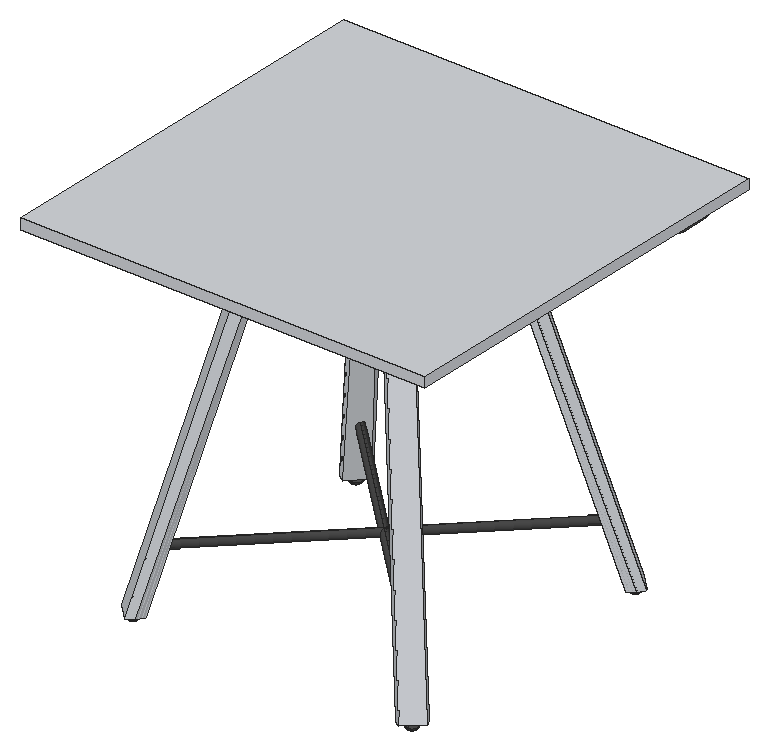
Revit family "Table-Teknion-NFTS_Wood_Table_Square-R2020", category Furniture, Revit 2020
Family settings
  OmniClass Number = 23.40.20.00
  OmniClass Title = General Furniture and Specialties
  Work Plane-Based = No
  Always vertical = Yes
  Cut with Voids When Loaded = No
  Shared = Yes
  Room Calculation Point = No
Parameters (values of type "36" Height")
  Wood Leg Finish = none
  Warranty = "http://www.teknion.com/ca/papers/legal-canada"
  Unit Weight URL = "http://www.teknion.com/ca/tools/assets#&asset=bee6a381-b954-425e-8283-5a2de3a804f2,f828d448-4b62-4231-9e5f-9a8991c0ed77"
  URL = "www.teknion.com"
  Top Finish = none
  To render please download texture images found here [instance] = "https://assets.teknion.com/web/5e81352c1dfdb467/revit-material-swatches/"
  Sustainability Data = "https://www.teknion.com/ca/tools/assets#&topic=216f99a5-57a0-44fc-b10a-9dee9b29ae4c&asset=444deb64-fe58-4b68-981e-f75e97781df7,b4ff2d81-9f2e-437d-9659-7cffb09c31cf"
  Series = "North 56"  # constant formula
  Product Page URL = "https://www.teknion.com/ca/products/product-details?productLineId=0ca9376f-8e7a-673b-a6c8-ff05004460c4"
  Product Line = "North 56"  # constant formula
  Product Documentation Link = ""
  Part Number = "NFTS"  # constant formula
  Model = "NFTS3640"
  Manufacturer Phone = "416-661-3370"  # constant formula
  Manufacturer Fax = "416.661.4586"  # constant formula
  Manufacturer Contact Information = "http://www.teknion.com/ca/contactus"
  Manufacturer Address = "1150 Flint Road, Toronto, ON. M3J 2J5. Canada"  # constant formula
  Manufacturer = "Teknion"  # constant formula
  Leg Support Height = 6.11299"
  Leg Support = yes
  Leg Dis = 27.601"
  How To Use Teknion Materials User Guide [instance] = "https://assets.teknion.com/m/205dd0a49fa58060/original/How-to-add-a-Material-Library-and-Texture-Images-to-your-Revit-project.pdf"
  Height = 36.000"
  For Additional Finishes please visit [instance] = "https://assets.teknion.com/m/44a8009b046e5d47/original/Teknion_Materials_Library.zip"
  Diagonal dis = Leg Dis * (cos(45.00°))  # 19.51685"
  Description = "Wood Table-Square, 36\" Height,40\" Size"
  Default Elevation = 0.000"
  Assembly Code = "E2020200"
Reference planes (in)
  plane 1 "Center Front/Back": y = 0
  plane 2: z = 0
  plane 3 "Center Left/Right": x = 0
  plane 4 "Left": x = -20
  plane 5 "Right": x = 20
  plane 6 "Back": y = 20
  plane 7 "Front": y = -20
  plane 8 "Top": z = 36
  plane 9: x = -13.8005
  plane 10: y = 13.8005
  plane 11: x = 13.8005
  plane 12: y = -13.8005
  plane 13: through (-14.44868, 0.64818, 48) normal (0.7071, 0.7071, 0)
  plane 14: through (14.44868, 0.64818, 48) normal (0.7071, -0.7071, 0)
  plane 15: through (0.64818, 14.44868, 48) normal (0.7071, -0.7071, 0)
  plane 16: through (14.44868, -0.64818, 48) normal (-0.7071, -0.7071, 0)
  plane 17: through (-20, 20, 48) normal (0.7071, 0.7071, 0)
  plane 18: through (20, 20, 48) normal (0.7071, -0.7071, 0)
Forms (in)
  Sweep 1, solid, material <- "Top Finish"
    path origin (0, 0, 0) x (1, 0, 0) y (0, 0, 1)
      loop
        line (0, 36) -> (0, 35)
    profile origin (0, 0, 35.5) x (0, -1, 0) y (1, 0, 0)
      loop
        line (-20, -20) -> (20, -20) -> (20, 20) -> (-20, 20) -> (-20, -20)
  Sweep 2, solid, material "Paint - Teknion - 52 - Ebony", visible <- "Leg Support"
    path origin (0, 0, 0) x (1, 0, 0) y (0, 1, 0)
      loop
        line (-12.17318, -12.17318) -> (12.17318, 12.17318)
    profile origin (0, 0, 0) x (-0.707107, 0.707107, 0) y (0, 0, 1)
      loop
        circle (0, 6.48799) r 0.375
  Sweep 3, solid, material "Paint - Teknion - 52 - Ebony", visible <- "Leg Support"
    path origin (0, 0, 0) x (0, 1, 0) y (-1, 0, 0)
      loop
        line (-12.17318, -12.17318) -> (12.17318, 12.17318)
    profile origin (0, 0, 0) x (-0.707107, -0.707107, 0) y (0, 0, 1)
      loop
        circle (0, 6.48799) r 0.375
  SweptBlend 4, solid, material <- "Wood Leg Finish"
    path origin (-20, 20, 48) x (-0.707107, 0.707107, 0) y (0, 0, 1)
      loop
        line (-28.28427, -13) -> (-28.28427, -17.25)
    profile origin (0, 0, 35) x (0.707107, 0.707107, 0) y (-0.707107, 0.707107, 0)
      loop
        arc (-0.29671, -9.65881) -> (-0.00768, -9.77853) -> (0.28134, -9.65881) r 0.40874
        line (0.28134, -9.65881) -> (9.67487, -0.26527)
        arc (9.67487, -0.26527) -> (9.78794, 0.00768) -> (9.67487, 0.28064) r 0.38602
        line (9.67487, 0.28064) -> (0.30825, 9.64726)
        arc (0.30825, 9.64726) -> (-0.00032, 9.77508) -> (-0.30889, 9.64726) r 0.43638
        line (-0.30889, 9.64726) -> (-9.64011, 0.31604)
        arc (-9.64011, 0.31604) -> (-9.77089, 0.00032) -> (-9.64011, -0.3154) r 0.44649
        line (-9.64011, -0.3154) -> (-0.29671, -9.65881)
    end profile origin (0, 0, 30.75) x (0.707107, 0.707107, 0) y (-0.707107, 0.707107, 0)
      loop
        line (-0.00032, 11.067) -> (-11.067, 0.00032) -> (-0.00032, -11.06636) -> (11.06636, 0.00032) -> (-0.00032, 11.067)
  SweptBlend 5, void
    path origin (-20, 20, 48) x (-0.707107, 0.707107, 0) y (0, 0, 1)
      loop
        line (-28.28427, -13) -> (-28.28427, -17.25)
    profile origin (0, 0, 35) x (0.707107, 0.707107, 0) y (-0.707107, 0.707107, 0)
      loop
        line (-0.00032, 8.51905) -> (-8.51905, 0.00032) -> (-0.00032, -8.51841) -> (8.51841, 0.00032) -> (-0.00032, 8.51905)
    end profile origin (0, 0, 30.75) x (0.707107, 0.707107, 0) y (-0.707107, 0.707107, 0)
      loop
        line (9.78316, 0.00032) -> (0.00641, 9.77706) -> (-9.77033, 0.00032) -> (0.00641, -9.77643) -> (9.78316, 0.00032)
  SweptBlend 6, solid, material <- "Wood Leg Finish"
    path origin (-20, 20, 48) x (-0.707107, 0.707107, 0) y (0, 0, 1)
      loop
        line (-28.30011, -13) -> (-28.30011, -47.33071)
    profile origin (0.0112, -0.0112, 35) x (0.707107, 0.707107, 0) y (-0.707107, 0.707107, 0)
      loop
        line (-1.13978, -9.79029) -> (1.13978, -9.79029) -> (1.27076, -8.64994) -> (0.738, -8.11718) -> (-0.738, -8.11718) -> (-1.27076, -8.64994) -> (-1.13978, -9.79029)
    end profile origin (0.0112, -0.0112, 0.66929) x (0.707107, 0.707107, 0) y (-0.707107, 0.707107, 0)
      loop
        line (1.29197, -19.45075) -> (1.13611, -18.61419) -> (-1.13611, -18.61419) -> (-1.29197, -19.45075) -> (-1.13611, -20.2873) -> (1.13611, -20.2873) -> (1.29197, -19.45075)
  SweptBlend 7, solid, material <- "Wood Leg Finish"
    path origin (-20, -20, 48) x (-0.707107, -0.707107, 0) y (0, 0, -1)
      loop
        line (-28.28427, 13) -> (-28.28427, 47.33071)
    profile origin (0, 0, 35) x (0.707107, -0.707107, 0) y (0.707107, 0.707107, 0)
      loop
        line (-1.13978, 9.80612) -> (-1.27076, 8.66577) -> (-0.738, 8.13301) -> (0.738, 8.13301) -> (1.27076, 8.66577) -> (1.13978, 9.80612) -> (-1.13978, 9.80612)
    end profile origin (0, 0, 0.66929) x (0.707107, -0.707107, 0) y (0.707107, 0.707107, 0)
      loop
        line (1.29197, 19.46658) -> (1.13611, 20.30314) -> (-1.13611, 20.30314) -> (-1.29197, 19.46658) -> (-1.13611, 18.63003) -> (1.13611, 18.63003) -> (1.29197, 19.46658)
  SweptBlend 8, solid, material <- "Wood Leg Finish"
    path origin (20, -20, 48) x (0.707107, -0.707107, 0) y (0, 0, 1)
      loop
        line (-28.28427, -13) -> (-28.28427, -47.33071)
    profile origin (0, 0, 35) x (-0.707107, -0.707107, 0) y (0.707107, -0.707107, 0)
      loop
        line (-1.13978, -9.80612) -> (1.13978, -9.80612) -> (1.27076, -8.66577) -> (0.738, -8.13301) -> (-0.738, -8.13301) -> (-1.27076, -8.66577) -> (-1.13978, -9.80612)
    end profile origin (0, 0, 0.66929) x (-0.707107, -0.707107, 0) y (0.707107, -0.707107, 0)
      loop
        line (1.29197, -19.46658) -> (1.13611, -18.63003) -> (-1.13611, -18.63003) -> (-1.29197, -19.46658) -> (-1.13611, -20.30314) -> (1.13611, -20.30314) -> (1.29197, -19.46658)
  SweptBlend 9, solid, material <- "Wood Leg Finish"
    path origin (20, 20, 48) x (0.707107, 0.707107, 0) y (0, 0, -1)
      loop
        line (-28.28427, 13) -> (-28.28427, 47.33071)
    profile origin (0, 0, 35) x (-0.707107, 0.707107, 0) y (-0.707107, -0.707107, 0)
      loop
        line (-1.13978, 9.80612) -> (-1.27076, 8.66577) -> (-0.738, 8.13301) -> (0.738, 8.13301) -> (1.27076, 8.66577) -> (1.13978, 9.80612) -> (-1.13978, 9.80612)
    end profile origin (0, 0, 0.66929) x (-0.707107, 0.707107, 0) y (-0.707107, -0.707107, 0)
      loop
        line (1.29197, 19.46658) -> (1.13611, 20.30314) -> (-1.13611, 20.30314) -> (-1.29197, 19.46658) -> (-1.13611, 18.63003) -> (1.13611, 18.63003) -> (1.29197, 19.46658)
  Sweep 10, solid, material "Paint - Teknion - 52 - Ebony"
    path origin (0, 0, 0) x (0, 1, 0) y (0, 0, 1)
      loop
        line (4.03225, 34.85) -> (3.48225, 34.85) -> (3.48225, 33.45225)
        arc (3.48225, 33.45225) -> (3.46877, 33.40412) -> (3.43225, 33.37) r 0.09265
        line (3.43225, 33.37) -> (-3.43225, 33.37)
        arc (-3.43225, 33.37) -> (-3.46877, 33.40412) -> (-3.48225, 33.45225) r 0.09265
        line (-3.48225, 33.45225) -> (-3.48225, 34.85) -> (-4.03225, 34.85)
    profile origin (0, 0, 33.37) x (0, 0, -1) y (1, 0, 0)
      loop
        line (-0.05, -2.5) -> (0, -2.5) -> (0, 2.5) -> (-0.05, 2.5) -> (-0.05, -2.5)
  Sweep 11, solid, material "Paint - Teknion - 52 - Ebony"
    path origin (0, 0, 0) x (0, 1, 0) y (0, 0, 1)
      loop
        line (2.425, 33.575) -> (1.532, 33.575)
        arc (1.532, 33.575) -> (1.45634, 33.60634) -> (1.425, 33.682) r 0.107
        line (1.425, 33.682) -> (1.425, 34.925) -> (-1.425, 34.925) -> (-1.425, 33.682)
        arc (-1.425, 33.682) -> (-1.45634, 33.60634) -> (-1.532, 33.575) r 0.107
        line (-1.532, 33.575) -> (-2.425, 33.575)
    profile origin (0, -1.9785, 33.575) x (0, 0, -1) y (1, 0, 0)
      loop
        line (-0.075, -4.75) -> (0, -4.75) -> (0, -3.75) -> (-0.075, -3.75) -> (-0.075, -4.75)
      loop
        line (-0.075, 3.75) -> (0, 3.75) -> (0, 4.75) -> (-0.075, 4.75) -> (-0.075, 3.75)
  Sweep 12, solid, material "Plastic - Teknion - E - Ebony"
    path origin (0, 0, 0) x (1, 0, 0) y (0, 0, 1)
      loop
        line (0, 35) -> (0, 34.39764)
    profile origin (0, 0, 34.69882) x (0, -1, 0) y (1, 0, 0)
      loop
        line (12.11024, -16.61319) -> (12.11024, -19.01494)
        arc (12.11024, -19.01494) -> (12.25435, -19.36285) -> (12.60226, -19.50696) r 0.49202
        line (12.60226, -19.50696) -> (15.39774, -19.50696)
        arc (15.39774, -19.50696) -> (15.74565, -19.36285) -> (15.88976, -19.01494) r 0.49202
        line (15.88976, -19.01494) -> (15.88976, -16.6132)
        arc (15.88976, -16.6132) -> (15.74564, -16.26526) -> (15.3977, -16.12113) r 0.49206
        line (15.3977, -16.12113) -> (12.60229, -16.12113)
        arc (12.60229, -16.12113) -> (12.25436, -16.26525) -> (12.11024, -16.61319) r 0.49206
      loop
        line (-15.3977, 16.12113) -> (-12.60229, 16.12113)
        arc (-12.60229, 16.12113) -> (-12.25435, 16.26525) -> (-12.11024, 16.61318) r 0.49205
        line (-12.11024, 16.61318) -> (-12.11024, 19.0149)
        arc (-12.11024, 19.0149) -> (-12.25436, 19.36284) -> (-12.6023, 19.50696) r 0.49206
        line (-12.6023, 19.50696) -> (-15.39774, 19.50696)
        arc (-15.39774, 19.50696) -> (-15.74565, 19.36285) -> (-15.88976, 19.01494) r 0.49202
        line (-15.88976, 19.01494) -> (-15.88976, 16.6132)
        arc (-15.88976, 16.6132) -> (-15.74564, 16.26526) -> (-15.3977, 16.12113) r 0.49206
  Revolve 13, solid, material "Paint - Teknion - 52 - Ebony"
    sketch origin (-13.8005, 15.09685, 48) x (0, 1, 0) y (0, 0, 1)
      loop
        line (-28.89735, -47.5) -> (-28.89735, -48) -> (-28.48306, -48) -> (-28.39129, -47.85) -> (-28.34637, -47.85) -> (-28.31402, -47.8) -> (-28.77766, -47.5) -> (-28.89735, -47.5)
      axis (-28.89735, -47.5) -> (-28.89735, -48)
    angle from 0 to 360
  Revolve 14, solid, material "Paint - Teknion - 52 - Ebony"
    sketch origin (13.8005, 15.09685, 48) x (0, 1, 0) y (0, 0, 1)
      loop
        line (-1.29635, -47.5) -> (-1.29635, -48) -> (-0.87996, -48) -> (-0.78819, -47.85) -> (-0.74151, -47.85) -> (-0.71092, -47.8) -> (-1.17456, -47.5) -> (-1.29635, -47.5)
      axis (-1.29635, -47.5) -> (-1.29635, -48)
    angle from 0 to 360
  Revolve 15, solid, material "Paint - Teknion - 52 - Ebony"
    sketch origin (13.8005, 15.09685, 48) x (0, 1, 0) y (0, 0, 1)
      loop
        line (-28.89735, -47.5) -> (-28.89735, -48) -> (-28.48306, -48) -> (-28.39129, -47.85) -> (-28.34637, -47.85) -> (-28.31402, -47.8) -> (-28.77766, -47.5) -> (-28.89735, -47.5)
      axis (-28.89735, -47.5) -> (-28.89735, -48)
    angle from 0 to 360
  Revolve 16, solid, material "Paint - Teknion - 52 - Ebony"
    sketch origin (-13.8005, 15.09685, 48) x (0, 1, 0) y (0, 0, 1)
      loop
        line (-1.29635, -47.5) -> (-1.29635, -48) -> (-0.87996, -48) -> (-0.78819, -47.85) -> (-0.74151, -47.85) -> (-0.71092, -47.8) -> (-1.17456, -47.5) -> (-1.29635, -47.5)
      axis (-1.29635, -47.5) -> (-1.29635, -48)
    angle from 0 to 360
  SweptBlend 17, solid, material "Paint - Teknion - 52 - Ebony"
    path origin (13.8005, 15.09685, 48) x (0, 1, 0) y (0, 0, 1)
      loop
        line (-1.38479, -46.62218) -> (-1.1774, -47.58231)
    profile origin (13.8005, 13.71207, 1.37782) x (0, 0.977459, 0.211127) y (1, 0, 0)
      loop
        arc (-0.00028, -0.2752) -> (-0.00602, -0.10119) -> (-0.18011, -0.09942) r 0.12585
        arc (-0.18011, -0.09942) -> (-0.1746, -0.27365) -> (-0.00028, -0.2752) r 0.12584
    end profile origin (13.8005, 13.91945, 0.41769) x (0, 0.977459, 0.211127) y (1, 0, 0)
      loop
        arc (0, -0.06955) -> (-0.00588, 0.10524) -> (-0.18076, 0.10714) r 0.12651
        arc (-0.18076, 0.10714) -> (-0.18274, -0.0757) -> (0, -0.06955) r 0.12651
  SweptBlend 18, solid, material "Paint - Teknion - 52 - Ebony"
    path origin (-13.8005, 15.09685, 48) x (0, 1, 0) y (0, 0, 1)
      loop
        line (-28.88719, -47.61396) -> (-28.62493, -46.66255)
    profile origin (-13.8005, -13.79033, 0.38604) x (0, -0.964045, 0.265739) y (1, 0, 0)
      loop
        circle (0.03638, -0.01884) r 0.12277
    end profile origin (-13.8005, -13.52808, 1.33745) x (0, -0.964045, 0.265739) y (1, 0, 0)
      loop
        arc (0.00599, 0.09951) -> (0.1796, 0.10222) -> (0.17689, 0.27582) r 0.12277
        arc (0.17689, 0.27582) -> (0.00375, 0.27265) -> (0.00599, 0.09951) r 0.12278
  Revolve 19, solid, material "Paint - Teknion - 52 - Ebony"
    sketch origin (13.8005, 15.09685, 48) x (0, 1, 0) y (0, 0, 1)
      loop
        line (-29.03642, -47.56373) -> (-28.91761, -47.58885) -> (-28.70887, -46.61986) -> (-28.82686, -46.59435) -> (-29.03642, -47.56373)
      axis (-28.70885, -46.61977) -> (-28.91771, -47.58931)
    angle from 0 to 360
  Sweep 20, solid, material "Paint - Teknion - 52 - Ebony"
    path origin (-13.8005, 15.09685, 48) x (0, 1, 0) y (0, 0, 1)
      loop
        line (-1.45524, -46.59435) -> (-1.24323, -47.60058)
    profile origin (-13.8005, 13.74762, 0.90253) x (0, 0.978515, 0.206174) y (1, 0, 0)
      loop
        spline (-0.15042, 0) -> (-0.14636, -0.03152) -> (-0.13446, -0.0609) -> (-0.11552, -0.08612) -> (-0.09084, -0.10547) -> (-0.06209, -0.11764) -> (-0.03125, -0.12179) -> (-0.0004, -0.11764) -> (0.02834, -0.10547) -> (0.05302, -0.08612) -> (0.07196, -0.0609) -> (0.08387, -0.03152) -> (0.08793, 0)
        spline (0.08793, 0) -> (0.08387, 0.03152) -> (0.07196, 0.0609) -> (0.05302, 0.08612) -> (0.02834, 0.10547) -> (-0.0004, 0.11764) -> (-0.03125, 0.12179) -> (-0.06209, 0.11764) -> (-0.09084, 0.10547) -> (-0.11552, 0.08612) -> (-0.13446, 0.0609) -> (-0.14636, 0.03152) -> (-0.15042, 0)
Cuts and joins
  SweptBlend 5 cuts SweptBlend 4
Lines and regions (in)
  Masking region 1
    outline origin (0, 0, 0) x (1, 0, 0) y (0, 1, 0)
      loop
        line (-20, 20) -> (-20, -20) -> (20, -20) -> (20, 20) -> (-20, 20)
  symbolic lines, style "FurnitureHiddenLines", detail levels medium+fine
    curve 1: line (19.01494, 15.88976, 0) -> (16.6132, 15.88976, 0)
    curve 2: line (16.12113, 15.3977, 0) -> (16.12113, 12.60229, 0)
    curve 3: line (16.61318, 12.11024, 0) -> (19.0149, 12.11024, 0)
    curve 4: line (19.50696, 12.6023, 0) -> (19.50696, 15.39774, 0)
    curve 5: line (-4.75, 2.425, 0) -> (-3.75, 2.425, 0)
    curve 6: line (-4.75, -2.425, 0) -> (-4.75, 2.425, 0)
    curve 7: line (-3.75, -2.425, 0) -> (-4.75, -2.425, 0)
    curve 8: line (-3.75, 2.425, 0) -> (-3.75, -2.425, 0)
    curve 9: line (-3.75, 1.5, 0) -> (-4.75, 1.5, 0)
    curve 10: line (-4.75, 1.425, 0) -> (-3.75, 1.425, 0)
    curve 11: line (-4.75, -1.5, 0) -> (-3.75, -1.5, 0)
    curve 12: line (-3.75, -1.425, 0) -> (-4.75, -1.425, 0)
    curve 13: line (3.75, 2.425, 0) -> (3.75, -2.425, 0)
    curve 14: line (4.75, -2.425, 0) -> (4.75, 2.425, 0)
    curve 15: line (3.75, 2.425, 0) -> (4.75, 2.425, 0)
    curve 16: line (3.75, -2.425, 0) -> (4.75, -2.425, 0)
    curve 17: line (4.75, 1.5, 0) -> (3.75, 1.5, 0)
    curve 18: line (3.75, 1.425, 0) -> (4.75, 1.425, 0)
    curve 19: line (4.75, -1.425, 0) -> (3.75, -1.425, 0)
    curve 20: line (3.75, -1.5, 0) -> (4.75, -1.5, 0)
    curve 21: line (-2.5, 4.03225, 0) -> (2.5, 4.03225, 0)
    curve 22: line (-2.5, 4.03225, 0) -> (-2.5, -4.03225, 0)
    curve 23: line (-2.5, -4.03225, 0) -> (2.5, -4.03225, 0)
    curve 24: line (2.5, 4.03225, 0) -> (2.5, -4.03225, 0)
    curve 25: line (-2.5, 3.43225, 0) -> (2.5, 3.43225, 0)
    curve 26: line (2.5, 3.48225, 0) -> (-2.5, 3.48225, 0)
    curve 27: line (-2.5, 3.41751, 0) -> (2.5, 3.41751, 0)
    curve 28: line (-2.5, -3.41751, 0) -> (2.5, -3.41751, 0)
    curve 29: line (-2.5, -3.48225, 0) -> (2.5, -3.48225, 0)
    curve 30: line (2.5, -3.43225, 0) -> (-2.5, -3.43225, 0)
    curve 31: line (-6.0241, -6.02365, 0) -> (-6.0241, 6.02365, 0)
    curve 32: line (-6.0241, 6.02365, 0) -> (6.0232, 6.02365, 0)
    curve 33: line (6.0232, 6.02365, 0) -> (6.0232, -6.02365, 0)
    curve 34: line (6.0232, -6.02365, 0) -> (-6.0241, -6.02365, 0)
    curve 35: line (-7.82578, 7.82533, 0) -> (7.82488, 7.82533, 0)
    curve 36: line (-7.82578, -7.82533, 0) -> (-7.82578, 7.82533, 0)
    curve 37: line (7.82488, -7.82533, 0) -> (-7.82578, -7.82533, 0)
    curve 38: line (7.82488, 7.82533, 0) -> (7.82488, -7.82533, 0)
    curve 39: line (-6.90889, 6.91796, 0) -> (6.91751, 6.91796, 0)
    curve 40: line (-6.90889, -6.90844, 0) -> (-6.90889, 6.91796, 0)
    curve 41: line (6.91751, -6.90844, 0) -> (-6.90889, -6.90844, 0)
    curve 42: line (6.91751, 6.91796, 0) -> (6.91751, -6.90844, 0)
    curve 43: line (-7.04006, 6.60323, 0) -> (-7.04006, -6.59312, 0)
    curve 44: line (-6.59357, -7.03961, 0) -> (6.62001, -7.03961, 0)
    curve 45: arc (-7.04006, -6.59312, 0) -> (-6.90929, -6.90884, 0) -> (-6.59357, -7.03961, 0) r 0.44649
    curve 46: line (7.02874, -6.63087, 0) -> (7.02874, 6.65359, 0)
    curve 47: arc (6.62001, -7.03961, 0) -> (6.90903, -6.91989, 0) -> (7.02874, -6.63087, 0) r 0.40874
    curve 48: line (6.64272, 7.03961, 0) -> (-6.60368, 7.03961, 0)
    curve 49: arc (7.02874, 6.65359, 0) -> (6.91568, 6.92655, 0) -> (6.64272, 7.03961, 0) r 0.38602
    curve 50: arc (-6.60368, 7.03961, 0) -> (-6.91225, 6.9118, 0) -> (-7.04006, 6.60323, 0) r 0.43638
    curve 179: arc (16.12113, 12.60229, 0) -> (16.26525, 12.25435, 0) -> (16.61318, 12.11024, 0) r 0.49205
    curve 180: arc (19.0149, 12.11024, 0) -> (19.36284, 12.25436, 0) -> (19.50696, 12.6023, 0) r 0.49206
  symbolic lines, style "FurnitureHiddenLines", visible <- "Leg Support", detail levels fine
    curve 51: line (-11.90802, 12.43835, 0) -> (12.43835, -11.90802, 0)
    curve 52: line (-12.43835, 11.90802, 0) -> (11.90802, -12.43835, 0)
    curve 53: line (12.43835, 11.90802, 0) -> (-11.90802, -12.43835, 0)
    curve 54: line (-12.43835, -11.90802, 0) -> (11.90802, 12.43835, 0)
    curve 195: line (-11.90802, 12.43835, 0) -> (-12.43835, 11.90802, 0)
    curve 196: line (12.43835, 11.90802, 0) -> (11.90802, 12.43835, 0)
    curve 197: line (12.43835, -11.90802, 0) -> (11.90802, -12.43835, 0)
    curve 198: line (-11.90802, -12.43835, 0) -> (-12.43835, -11.90802, 0)
  symbolic lines, style "FurnitureHiddenLines", detail levels fine
    curve 55: line (-13.97718, -12.36966, 0) -> (-12.36966, -13.97718, 0)
    curve 56: line (-13.55314, -15.15983, 0) -> (-15.15983, -13.55314, 0)
    curve 57: line (-13.55314, -15.15983, 0) -> (-6.12803, -7.73992, 0)
    curve 58: line (-7.73992, -6.12803, 0) -> (-15.15983, -13.55314, 0)
    curve 59: line (-14.67851, -12.85139, 0) -> (-7.02619, -5.22906, 0)
    curve 60: line (-12.85139, -14.67851, 0) -> (-5.22906, -7.02619, 0)
    curve 61: line (-12.37007, -13.97677, 0) -> (-5.22906, -6.27275, 0)
    curve 62: line (-13.97677, -12.37007, 0) -> (-6.27275, -5.22906, 0)
    curve 63: line (-7.73992, -6.12803, 0) -> (-6.12803, -7.73992, 0)
    curve 64: line (-5.22906, -6.27275, 0) -> (-6.27275, -5.22906, 0)
    curve 65: line (-5.22906, -7.02619, 0) -> (-5.22906, -6.27275, 0)
    curve 66: line (-6.27275, -5.22906, 0) -> (-7.02619, -5.22906, 0)
    curve 67: line (-7.02619, -5.22906, 0) -> (-7.73992, -6.12803, 0)
    curve 68: line (-6.12803, -7.73992, 0) -> (-5.22906, -7.02619, 0)
    curve 69: spline (-13.70099, -13.53385, 0) -> (-13.72011, -13.55866, 0) -> (-13.73191, -13.58738, 0) -> (-13.73559, -13.61808, 0) -> (-13.73092, -13.64864, 0) -> (-13.71819, -13.677, 0) -> (-13.69828, -13.70122, 0) -> (-13.67256, -13.71964, 0) -> (-13.64276, -13.73102, 0) -> (-13.61092, -13.73457, 0) -> (-13.57921, -13.73006, 0) -> (-13.5498, -13.7178, 0) -> (-13.52468, -13.69861, 0)
    curve 70: spline (-13.52468, -13.69861, 0) -> (-13.50576, -13.6738, 0) -> (-13.49412, -13.64512, 0) -> (-13.49054, -13.61452, 0) -> (-13.49528, -13.58407, 0) -> (-13.508, -13.55582, 0) -> (-13.52785, -13.5317, 0) -> (-13.55348, -13.51333, 0) -> (-13.58316, -13.50195, 0) -> (-13.61488, -13.49834, 0) -> (-13.64649, -13.50274, 0) -> (-13.67586, -13.51485, 0) -> (-13.70099, -13.53385, 0)
    curve 71: line (-13.90773, -13.74326, 0) -> (-13.70099, -13.53385, 0)
    curve 72: line (-13.52468, -13.69861, 0) -> (-13.73095, -13.90755, 0)
    curve 73: spline (-13.73095, -13.90755, 0) -> (-13.75603, -13.92666, 0) -> (-13.78537, -13.93888, 0) -> (-13.81699, -13.94338, 0) -> (-13.84875, -13.93986, 0) -> (-13.87848, -13.92856, 0) -> (-13.90419, -13.91025, 0) -> (-13.92412, -13.88616, 0) -> (-13.93692, -13.85792, 0) -> (-13.94173, -13.82746, 0) -> (-13.93821, -13.79683, 0) -> (-13.92662, -13.76811, 0) -> (-13.90773, -13.74326, 0)
    curve 74: spline (-13.90773, -13.74326, 0) -> (-13.88268, -13.72385, 0) -> (-13.85326, -13.71138, 0) -> (-13.82149, -13.7067, 0) -> (-13.78955, -13.71013, 0) -> (-13.75962, -13.72143, 0) -> (-13.73377, -13.73982, 0) -> (-13.71375, -13.76406, 0) -> (-13.70094, -13.79248, 0) -> (-13.69622, -13.82312, 0) -> (-13.69991, -13.8539, 0) -> (-13.71176, -13.8827, 0) -> (-13.73095, -13.90755, 0)
    curve 75: arc (-13.8005, -13.92019, 0) -> (-13.92019, -13.8005, 0) -> (-13.8005, -13.68081, 0) r 0.11969
    curve 76: arc (-13.8005, -13.68081, 0) -> (-13.68081, -13.8005, 0) -> (-13.8005, -13.92019, 0) r 0.11969
    curve 77: arc (-13.8005, -13.3862, 0) -> (-13.3862, -13.8005, 0) -> (-13.8005, -14.2148, 0) r 0.4143
    curve 78: arc (-13.8005, -14.2148, 0) -> (-14.2148, -13.8005, 0) -> (-13.8005, -13.3862, 0) r 0.4143
    curve 79: arc (-13.8005, -14.30656, 0) -> (-14.30656, -13.8005, 0) -> (-13.8005, -13.29444, 0) r 0.50606
    curve 80: arc (-13.8005, -13.29444, 0) -> (-13.29444, -13.8005, 0) -> (-13.8005, -14.30656, 0) r 0.50606
    curve 81: arc (-13.8005, -13.24952, 0) -> (-13.24952, -13.8005, 0) -> (-13.8005, -14.35148, 0) r 0.55098
    curve 82: arc (-13.8005, -14.35148, 0) -> (-14.35148, -13.8005, 0) -> (-13.8005, -13.24952, 0) r 0.55098
    curve 83: arc (-13.8005, -14.38384, 0) -> (-14.38384, -13.8005, 0) -> (-13.8005, -13.21716, 0) r 0.58334
    curve 84: arc (-13.8005, -13.21716, 0) -> (-13.21716, -13.8005, 0) -> (-13.8005, -14.38384, 0) r 0.58334
    curve 85: spline (13.8005, -13.49399, 0) -> (13.83174, -13.49801, 0) -> (13.86086, -13.5098, 0) -> (13.88586, -13.52856, 0) -> (13.90504, -13.55299, 0) -> (13.9171, -13.58146, 0) -> (13.92121, -13.612, 0) -> (13.9171, -13.64254, 0) -> (13.90504, -13.671, 0) -> (13.88586, -13.69544, 0) -> (13.86086, -13.71419, 0) -> (13.83174, -13.72598, 0) -> (13.8005, -13.73, 0)
    curve 86: spline (13.8005, -13.73, 0) -> (13.76926, -13.72598, 0) -> (13.74014, -13.71419, 0) -> (13.71514, -13.69544, 0) -> (13.69596, -13.671, 0) -> (13.6839, -13.64254, 0) -> (13.67979, -13.612, 0) -> (13.6839, -13.58146, 0) -> (13.69596, -13.55299, 0) -> (13.71514, -13.52856, 0) -> (13.74014, -13.5098, 0) -> (13.76926, -13.49801, 0) -> (13.8005, -13.49399, 0)
    curve 87: arc (13.8005, -13.92019, 0) -> (13.68081, -13.8005, 0) -> (13.8005, -13.68081, 0) r 0.11969
    curve 88: arc (13.8005, -13.68081, 0) -> (13.92019, -13.8005, 0) -> (13.8005, -13.92019, 0) r 0.11969
    curve 89: arc (13.8005, -13.3862, 0) -> (14.2148, -13.8005, 0) -> (13.8005, -14.2148, 0) r 0.4143
    curve 90: arc (13.8005, -14.2148, 0) -> (13.3862, -13.8005, 0) -> (13.8005, -13.3862, 0) r 0.4143
    curve 91: arc (13.8005, -14.30656, 0) -> (13.29444, -13.8005, 0) -> (13.8005, -13.29444, 0) r 0.50606
    curve 92: arc (13.8005, -13.29444, 0) -> (14.30656, -13.8005, 0) -> (13.8005, -14.30656, 0) r 0.50606
    curve 93: arc (13.8005, -13.24952, 0) -> (14.35148, -13.8005, 0) -> (13.8005, -14.35148, 0) r 0.55098
    curve 94: arc (13.8005, -13.21716, 0) -> (14.38384, -13.8005, 0) -> (13.8005, -14.38384, 0) r 0.58334
    curve 95: arc (13.8005, -14.35148, 0) -> (13.24952, -13.8005, 0) -> (13.8005, -13.24952, 0) r 0.55098
    curve 96: arc (13.8005, -14.38384, 0) -> (13.21716, -13.8005, 0) -> (13.8005, -13.21716, 0) r 0.58334
    curve 97: line (15.15983, -13.55314, 0) -> (13.55314, -15.15983, 0)
    curve 98: line (6.12803, -7.73992, 0) -> (13.55314, -15.15983, 0)
    curve 99: line (15.15983, -13.55314, 0) -> (7.73992, -6.12803, 0)
    curve 100: line (12.37007, -13.97677, 0) -> (13.97677, -12.37007, 0)
    curve 101: line (12.85139, -14.67851, 0) -> (12.37007, -13.97677, 0)
    curve 102: line (13.55314, -15.15983, 0) -> (12.85139, -14.67851, 0)
    curve 103: line (13.97677, -12.37007, 0) -> (14.67851, -12.85139, 0)
    curve 104: line (14.67851, -12.85139, 0) -> (15.15983, -13.55314, 0)
    curve 105: line (6.27275, -5.22906, 0) -> (13.97677, -12.37007, 0)
    curve 106: line (7.02619, -5.22906, 0) -> (14.67851, -12.85139, 0)
    curve 107: line (5.22906, -6.27275, 0) -> (12.37007, -13.97677, 0)
    curve 108: line (5.22906, -7.02619, 0) -> (12.85139, -14.67851, 0)
    curve 109: line (5.22906, -7.02619, 0) -> (6.12803, -7.73992, 0)
    curve 110: line (6.12803, -7.73992, 0) -> (7.73992, -6.12803, 0)
    curve 111: line (7.73992, -6.12803, 0) -> (7.02619, -5.22906, 0)
    curve 112: line (7.02619, -5.22906, 0) -> (6.27275, -5.22906, 0)
    curve 113: line (5.22906, -6.27275, 0) -> (5.22906, -7.02619, 0)
    curve 114: line (6.27275, -5.22906, 0) -> (5.22906, -6.27275, 0)
    curve 115: line (13.55314, 15.15983, 0) -> (15.15983, 13.55314, 0)
    curve 116: line (13.97718, 12.36966, 0) -> (12.36966, 13.97718, 0)
    curve 117: line (13.55314, 15.15983, 0) -> (6.12803, 7.73992, 0)
    curve 118: line (7.73992, 6.12803, 0) -> (15.15983, 13.55314, 0)
    curve 119: line (14.67851, 12.85139, 0) -> (13.97677, 12.37007, 0)
    curve 120: line (15.15983, 13.55314, 0) -> (14.67851, 12.85139, 0)
    curve 121: line (12.37007, 13.97677, 0) -> (12.85139, 14.67851, 0)
    curve 122: line (12.85139, 14.67851, 0) -> (13.55314, 15.15983, 0)
    curve 123: line (12.85139, 14.67851, 0) -> (5.22906, 7.02619, 0)
    curve 124: line (12.37007, 13.97677, 0) -> (5.22906, 6.27275, 0)
    curve 125: line (13.97677, 12.37007, 0) -> (6.27275, 5.22906, 0)
    curve 126: line (7.73992, 6.12803, 0) -> (6.12803, 7.73992, 0)
    curve 127: line (6.12803, 7.73992, 0) -> (5.22906, 7.02619, 0)
    curve 128: line (5.22906, 7.02619, 0) -> (5.22906, 6.27275, 0)
    curve 129: line (5.22906, 6.27275, 0) -> (6.27275, 5.22906, 0)
    curve 130: line (6.27275, 5.22906, 0) -> (7.02619, 5.22906, 0)
    curve 131: line (7.02619, 5.22906, 0) -> (7.73992, 6.12803, 0)
    curve 132: line (14.67851, 12.85139, 0) -> (7.02619, 5.22906, 0)
    curve 133: arc (13.8005, 14.2169, 0) -> (14.2169, 13.8005, 0) -> (13.8005, 13.3841, 0) r 0.4164
    curve 134: arc (13.8005, 13.3841, 0) -> (13.3841, 13.8005, 0) -> (13.8005, 14.2169, 0) r 0.4164
    curve 135: arc (13.8005, 14.30866, 0) -> (14.30866, 13.8005, 0) -> (13.8005, 13.29234, 0) r 0.50816
    curve 136: arc (13.8005, 14.35535, 0) -> (14.35535, 13.8005, 0) -> (13.8005, 13.24565, 0) r 0.55485
    curve 137: arc (13.8005, 14.38594, 0) -> (14.38594, 13.8005, 0) -> (13.8005, 13.21506, 0) r 0.58544
    curve 138: arc (13.8005, 13.21506, 0) -> (13.21506, 13.8005, 0) -> (13.8005, 14.38594, 0) r 0.58544
    curve 139: arc (13.8005, 13.24565, 0) -> (13.24565, 13.8005, 0) -> (13.8005, 14.35535, 0) r 0.55485
    curve 140: arc (13.8005, 13.29234, 0) -> (13.29234, 13.8005, 0) -> (13.8005, 14.30866, 0) r 0.50816
    curve 141: spline (13.5253, 13.71179, 0) -> (13.50648, 13.68649, 0) -> (13.49479, 13.65736, 0) -> (13.491, 13.62629, 0) -> (13.49536, 13.5953, 0) -> (13.50757, 13.56638, 0) -> (13.52685, 13.54141, 0) -> (13.55195, 13.522, 0) -> (13.58125, 13.5094, 0) -> (13.61285, 13.50444, 0) -> (13.64471, 13.50744, 0) -> (13.67477, 13.51819, 0) -> (13.70108, 13.53601, 0)
    curve 142: spline (13.70108, 13.53601, 0) -> (13.71981, 13.56132, 0) -> (13.73142, 13.59042, 0) -> (13.73516, 13.62144, 0) -> (13.73078, 13.65239, 0) -> (13.71857, 13.68125, 0) -> (13.69931, 13.70618, 0) -> (13.67425, 13.72557, 0) -> (13.64501, 13.73816, 0) -> (13.61346, 13.74314, 0) -> (13.58164, 13.7402, 0) -> (13.55161, 13.72952, 0) -> (13.5253, 13.71179, 0)
    curve 143: line (13.5253, 13.71179, 0) -> (13.73095, 13.91945, 0)
    curve 144: line (13.90785, 13.74298, 0) -> (13.70108, 13.53601, 0)
    curve 145: arc (13.8005, 13.67871, 0) -> (13.67871, 13.8005, 0) -> (13.8005, 13.92229, 0) r 0.12179
    curve 146: arc (13.8005, 13.92229, 0) -> (13.92229, 13.8005, 0) -> (13.8005, 13.67871, 0) r 0.12179
    curve 147: spline (13.90764, 13.74277, 0) -> (13.88132, 13.7218, 0) -> (13.85024, 13.70843, 0) -> (13.81664, 13.70362, 0) -> (13.78295, 13.70771, 0) -> (13.75158, 13.72042, 0) -> (13.7248, 13.74083, 0) -> (13.70454, 13.76746, 0) -> (13.69226, 13.7984, 0) -> (13.68884, 13.83142, 0) -> (13.69452, 13.86414, 0) -> (13.70891, 13.89421, 0) -> (13.73095, 13.91945, 0)
    curve 148: spline (13.73095, 13.91945, 0) -> (13.7574, 13.93722, 0) -> (13.78757, 13.94792, 0) -> (13.81953, 13.95085, 0) -> (13.85121, 13.94583, 0) -> (13.88058, 13.93317, 0) -> (13.90574, 13.9137, 0) -> (13.92508, 13.88867, 0) -> (13.93736, 13.85968, 0) -> (13.94177, 13.82861, 0) -> (13.93805, 13.79745, 0) -> (13.92642, 13.76821, 0) -> (13.90764, 13.74277, 0)
    curve 149: line (-15.15983, 13.55314, 0) -> (-13.55314, 15.15983, 0)
    curve 150: line (-12.36966, 13.97718, 0) -> (-13.97718, 12.36966, 0)
    curve 151: line (-15.15983, 13.55314, 0) -> (-7.73992, 6.12803, 0)
    curve 152: line (-6.12803, 7.73992, 0) -> (-13.55314, 15.15983, 0)
    curve 153: line (-14.67851, 12.85139, 0) -> (-15.15983, 13.55314, 0)
    curve 154: line (-13.97677, 12.37007, 0) -> (-14.67851, 12.85139, 0)
    curve 155: line (-13.55314, 15.15983, 0) -> (-12.85139, 14.67851, 0)
    curve 156: line (-12.85139, 14.67851, 0) -> (-12.37007, 13.97677, 0)
    curve 157: line (-5.22906, 7.02619, 0) -> (-12.85139, 14.67851, 0)
    curve 158: line (-7.02619, 5.22906, 0) -> (-14.67851, 12.85139, 0)
    curve 159: line (-6.27275, 5.22906, 0) -> (-13.97677, 12.37007, 0)
    curve 160: line (-5.22906, 6.27275, 0) -> (-12.37007, 13.97677, 0)
    curve 161: line (-6.12803, 7.73992, 0) -> (-7.73992, 6.12803, 0)
    curve 162: line (-7.73992, 6.12803, 0) -> (-7.02619, 5.22906, 0)
    curve 163: line (-6.27275, 5.22906, 0) -> (-5.22906, 6.27275, 0)
    curve 164: line (-7.02619, 5.22906, 0) -> (-6.27275, 5.22906, 0)
    curve 165: line (-5.22906, 6.27275, 0) -> (-5.22906, 7.02619, 0)
    curve 166: line (-5.22906, 7.02619, 0) -> (-6.12803, 7.73992, 0)
    curve 167: spline (-13.8005, 13.49442, 0) -> (-13.76898, 13.4984, 0) -> (-13.7396, 13.51005, 0) -> (-13.71438, 13.52858, 0) -> (-13.69503, 13.55273, 0) -> (-13.68286, 13.58085, 0) -> (-13.67871, 13.61104, 0) -> (-13.68286, 13.64122, 0) -> (-13.69503, 13.66934, 0) -> (-13.71438, 13.69349, 0) -> (-13.7396, 13.71203, 0) -> (-13.76898, 13.72368, 0) -> (-13.8005, 13.72765, 0)
    curve 168: spline (-13.8005, 13.72765, 0) -> (-13.83202, 13.72368, 0) -> (-13.8614, 13.71203, 0) -> (-13.88662, 13.69349, 0) -> (-13.90597, 13.66934, 0) -> (-13.91814, 13.64122, 0) -> (-13.92229, 13.61104, 0) -> (-13.91814, 13.58085, 0) -> (-13.90597, 13.55273, 0) -> (-13.88662, 13.52858, 0) -> (-13.8614, 13.51005, 0) -> (-13.83202, 13.4984, 0) -> (-13.8005, 13.49442, 0)
    curve 169: arc (-13.8005, 13.67871, 0) -> (-13.92229, 13.8005, 0) -> (-13.8005, 13.92229, 0) r 0.12179
    curve 170: arc (-13.8005, 13.92229, 0) -> (-13.67871, 13.8005, 0) -> (-13.8005, 13.67871, 0) r 0.12179
    curve 171: arc (-13.8005, 13.21506, 0) -> (-14.38594, 13.8005, 0) -> (-13.8005, 14.38594, 0) r 0.58544
    curve 172: arc (-13.8005, 13.24565, 0) -> (-14.35535, 13.8005, 0) -> (-13.8005, 14.35535, 0) r 0.55485
    curve 173: arc (-13.8005, 13.29234, 0) -> (-14.30866, 13.8005, 0) -> (-13.8005, 14.30866, 0) r 0.50816
    curve 174: arc (-13.8005, 13.3841, 0) -> (-14.2169, 13.8005, 0) -> (-13.8005, 14.2169, 0) r 0.4164
    curve 175: arc (-13.8005, 14.2169, 0) -> (-13.3841, 13.8005, 0) -> (-13.8005, 13.3841, 0) r 0.4164
    curve 176: arc (-13.8005, 14.30866, 0) -> (-13.29234, 13.8005, 0) -> (-13.8005, 13.29234, 0) r 0.50816
    curve 177: arc (-13.8005, 14.35535, 0) -> (-13.24565, 13.8005, 0) -> (-13.8005, 13.24565, 0) r 0.55485
    curve 178: arc (-13.8005, 14.38594, 0) -> (-13.21506, 13.8005, 0) -> (-13.8005, 13.21506, 0) r 0.58544
    curve 181: arc (16.6132, 15.88976, 0) -> (16.26526, 15.74564, 0) -> (16.12113, 15.3977, 0) r 0.49206
    curve 182: arc (19.50696, 15.39774, 0) -> (19.36285, 15.74565, 0) -> (19.01494, 15.88976, 0) r 0.49202
    curve 183: line (-16.61319, -12.11024, 0) -> (-19.01494, -12.11024, 0)
    curve 184: line (-19.50696, -12.60226, 0) -> (-19.50696, -15.39774, 0)
    curve 185: line (-19.01494, -15.88976, 0) -> (-16.6132, -15.88976, 0)
    curve 186: line (-16.12113, -15.3977, 0) -> (-16.12113, -12.60229, 0)
    curve 187: arc (-19.01494, -12.11024, 0) -> (-19.36285, -12.25435, 0) -> (-19.50696, -12.60226, 0) r 0.49202
    curve 188: arc (-16.12113, -12.60229, 0) -> (-16.26525, -12.25436, 0) -> (-16.61319, -12.11024, 0) r 0.49206
    curve 189: arc (-19.50696, -15.39774, 0) -> (-19.36285, -15.74565, 0) -> (-19.01494, -15.88976, 0) r 0.49202
    curve 190: arc (-16.6132, -15.88976, 0) -> (-16.26526, -15.74564, 0) -> (-16.12113, -15.3977, 0) r 0.49206
    curve 191: line (-15.15983, -13.55314, 0) -> (-14.67851, -12.85139, 0)
    curve 192: line (-14.67851, -12.85139, 0) -> (-13.97677, -12.37007, 0)
    curve 193: line (-12.37007, -13.97677, 0) -> (-12.85139, -14.67851, 0)
    curve 194: line (-12.85139, -14.67851, 0) -> (-13.55314, -15.15983, 0)
Dimensions and locks (in)
  locked: plane 4 "Left" to plane 5 "Right" at 40
  locked: plane 6 "Back" to plane 7 "Front" at 40
  "Height": plane 8 "Top" to level
  equal spacing: plane 6 "Back", plane 1 "Center Front/Back", plane 7 "Front"
  equal spacing: plane 4 "Left", plane 3 "Center Left/Right", plane 5 "Right"
  locked: Sweep 1 sketch curve to Sweep 1 sketch curve at 1
  locked: SweptBlend 4 sketch curve to SweptBlend 4 sketch curve at 4.25
  locked: SweptBlend 5 sketch curve to SweptBlend 5 sketch curve at 4.25
  locked: SweptBlend 6 sketch curve to plane 2 at 0.66929
  locked: SweptBlend 9 sketch curve to plane 2 at 0.66929
  equal spacing: plane 9, plane 3 "Center Left/Right", plane 11
  "Leg Dis": plane 9 to plane 11
  equal spacing: plane 10, plane 1 "Center Front/Back", plane 12
  "Leg Dis": plane 10 to plane 12
  locked: SweptBlend 8 sketch curve to plane 2 at 0.66929
  "Diagonal dis": plane 16 to plane 13
  "Diagonal dis": plane 14 to plane 15
  equal spacing: plane 16, plane 17, plane 13
  equal spacing: plane 14, plane 18, plane 15
  SweptBlend 6 sketch curve to SweptBlend 6 sketch curve to SweptBlend 6 sketch curve to plane 17 to SweptBlend 6 sketch curve to SweptBlend 6 sketch curve to SweptBlend 6 sketch curve = 0.13098" locked, 0.40178" locked, 0.738" locked, 0.738" locked, 0.40178" locked, 0.13098" locked
  SweptBlend 6 sketch curve to SweptBlend 6 sketch curve to SweptBlend 6 sketch curve to plane 17 to SweptBlend 6 sketch curve to SweptBlend 6 sketch curve to SweptBlend 6 sketch curve = 0.15586" locked, 0.000" locked, 1.13611" locked, 1.13611" locked, 0.000" locked, 0.15586" locked
  SweptBlend 4 sketch curve to plane 3 "Center Left/Right" to SweptBlend 4 sketch curve = 7.82578" locked, 7.82488" locked
  SweptBlend 4 sketch curve to plane 1 "Center Front/Back" to SweptBlend 4 sketch curve = 7.82533" locked, 7.82533" locked
  SweptBlend 4 sketch curve to plane 3 "Center Left/Right" to SweptBlend 4 sketch curve = 7.04006" locked, 7.02874" locked
  SweptBlend 4 sketch curve to plane 1 "Center Front/Back" to SweptBlend 4 sketch curve = 7.03961" locked, 7.03961" locked
  SweptBlend 5 sketch curve to plane 3 "Center Left/Right" to SweptBlend 5 sketch curve = 6.90889" locked, 6.91751" locked
  SweptBlend 5 sketch curve to plane 1 "Center Front/Back" to SweptBlend 5 sketch curve = 6.91796" locked, 6.90844" locked
  SweptBlend 5 sketch curve to plane 3 "Center Left/Right" to SweptBlend 5 sketch curve = 6.0241" locked, 6.0232" locked
  SweptBlend 5 sketch curve to plane 1 "Center Front/Back" to SweptBlend 5 sketch curve = 6.02365" locked, 6.02365" locked
  SweptBlend 6 sketch curve to SweptBlend 6 sketch curve to SweptBlend 6 sketch curve to cut or joined group of SweptBlend 4, SweptBlend 5 = 0.75343" locked, 0.71374" locked, 0.0854" locked
  SweptBlend 6 sketch curve to SweptBlend 6 sketch curve to SweptBlend 6 sketch curve to cut or joined group of SweptBlend 4, SweptBlend 5 = 0.75343" locked, 0.71374" locked, 0.08495" locked
  locked: SweptBlend 7 sketch curve to plane 2 at 0.66929
  SweptBlend 7 sketch curve to SweptBlend 7 sketch curve to SweptBlend 7 sketch curve to plane 18 to SweptBlend 7 sketch curve to SweptBlend 7 sketch curve to SweptBlend 7 sketch curve = 0.15586" locked, 0.000" locked, 1.13611" locked, 1.13611" locked, 0.000" locked, 0.15586" locked
  SweptBlend 7 sketch curve to SweptBlend 7 sketch curve to SweptBlend 7 sketch curve to cut or joined group of SweptBlend 4, SweptBlend 5 = 0.75343" locked, 0.71374" locked, 0.0854" locked
  SweptBlend 7 sketch curve to SweptBlend 7 sketch curve to SweptBlend 7 sketch curve to cut or joined group of SweptBlend 4, SweptBlend 5 = 0.75343" locked, 0.71374" locked, 0.08495" locked
  SweptBlend 7 sketch curve to SweptBlend 7 sketch curve to SweptBlend 7 sketch curve to plane 18 to SweptBlend 7 sketch curve to SweptBlend 7 sketch curve to SweptBlend 7 sketch curve = 0.13098" locked, 0.40178" locked, 0.738" locked, 0.738" locked, 0.40178" locked, 0.13098" locked
  SweptBlend 8 sketch curve to SweptBlend 8 sketch curve to SweptBlend 8 sketch curve to plane 17 to SweptBlend 8 sketch curve to SweptBlend 8 sketch curve to SweptBlend 8 sketch curve = 0.15586" locked, 0.000" locked, 1.13611" locked, 1.13611" locked, 0.000" locked, 0.15586" locked
  SweptBlend 8 sketch curve to SweptBlend 8 sketch curve to SweptBlend 8 sketch curve to cut or joined group of SweptBlend 4, SweptBlend 5 = 0.75343" locked, 0.71374" locked, 0.0854" locked
  cut or joined group of SweptBlend 4, SweptBlend 5 to SweptBlend 8 sketch curve to SweptBlend 8 sketch curve to SweptBlend 8 sketch curve = 0.08585" locked, 0.71374" locked, 0.75343" locked
  SweptBlend 8 sketch curve to SweptBlend 8 sketch curve to SweptBlend 8 sketch curve to plane 17 to SweptBlend 8 sketch curve to SweptBlend 8 sketch curve to SweptBlend 8 sketch curve = 0.13098" locked, 0.40178" locked, 0.738" locked, 0.738" locked, 0.40178" locked, 0.13098" locked
  SweptBlend 9 sketch curve to SweptBlend 9 sketch curve to SweptBlend 9 sketch curve to plane 18 to SweptBlend 9 sketch curve to SweptBlend 9 sketch curve to SweptBlend 9 sketch curve = 0.15586" locked, 0.000" locked, 1.13611" locked, 1.13611" locked, 0.000" locked, 0.15586" locked
  cut or joined group of SweptBlend 4, SweptBlend 5 to SweptBlend 9 sketch curve to SweptBlend 9 sketch curve to SweptBlend 9 sketch curve = 0.08585" locked, 0.71374" locked, 0.75343" locked
  SweptBlend 9 sketch curve to SweptBlend 9 sketch curve to SweptBlend 9 sketch curve to cut or joined group of SweptBlend 4, SweptBlend 5 = 0.75343" locked, 0.71374" locked, 0.0854" locked
  SweptBlend 9 sketch curve to SweptBlend 9 sketch curve to SweptBlend 9 sketch curve to plane 18 to SweptBlend 9 sketch curve to SweptBlend 9 sketch curve to SweptBlend 9 sketch curve = 0.13098" locked, 0.40178" locked, 0.738" locked, 0.738" locked, 0.40178" locked, 0.13098" locked
  locked: plane 13 to Sweep 2 sketch curve at 7.45705
  locked: plane 16 to Sweep 2 sketch curve at 7.45705
  locked: plane 15 to Sweep 3 sketch curve at 7.45705
  locked: Sweep 3 sketch curve to plane 14 at 7.45705
  Sweep 10 sketch curve to Sweep 10 sketch curve to plane 1 "Center Front/Back" to Sweep 10 sketch curve to Sweep 10 sketch curve = 0.550" locked, 3.48225" locked, 3.48225" locked, 0.550" locked
  plane 8 "Top" to Sweep 10 sketch curve to Sweep 10 sketch curve to Sweep 10 sketch curve = 1.150" locked, 0.000" locked, 1.480" locked
  Sweep 10 sketch curve to profile plane to Sweep 10 sketch curve = 2.500" locked, 2.500" locked
  plane 8 "Top" to Sweep 10 sketch curve to Sweep 10 sketch curve = 2.580" locked, 0.050" locked
  plane 3 "Center Left/Right" to Sweep 11 sketch curve to Sweep 11 sketch curve = 3.750" locked, 1.000" locked
  Sweep 11 sketch curve to Sweep 11 sketch curve to plane 3 "Center Left/Right" = 1.000" locked, 3.750" locked
  plane 8 "Top" to Sweep 11 sketch curve to Sweep 11 sketch curve = 2.350" locked, 0.075" locked  (x2)
  Sweep 11 sketch curve to Sweep 11 sketch curve to plane 1 "Center Front/Back" to Sweep 11 sketch curve to Sweep 11 sketch curve = 1.000" locked, 1.425" locked, 1.425" locked, 1.000" locked
  plane 8 "Top" to Sweep 11 sketch curve to Sweep 11 sketch curve to Sweep 11 sketch curve = 1.075" locked, 1.350" locked, 0.000" locked
  locked: Sweep 12 sketch curve to Sweep 12 sketch curve at 0.60236
  Sweep 12 sketch curve to Sweep 12 sketch curve to plane 5 "Right" = 3.38582" locked, 0.49304" locked
  plane 6 "Back" to Sweep 12 sketch curve to Sweep 12 sketch curve = 4.11024" locked, 3.77953" locked
  plane 7 "Front" to Sweep 12 sketch curve to Sweep 12 sketch curve = 4.11024" locked, 3.77953" locked
  plane 4 "Left" to Sweep 12 sketch curve to Sweep 12 sketch curve = 0.49304" locked, 3.38582" locked
  locked: Revolve 13 sketch curve to Revolve 13 sketch curve at 0.5
  plane 12 to Revolve 13 sketch curve to Revolve 13 sketch curve to Revolve 13 sketch curve to Revolve 13 sketch curve to Revolve 13 sketch curve = 0.11969" locked, 0.29461" locked, 0.09176" locked, 0.04492" locked, 0.03235" locked
  Revolve 13 sketch curve to Revolve 13 sketch curve to Revolve 13 sketch curve to Revolve 13 sketch curve = 0.000" locked, 0.050" locked, 0.300" locked
  plane 13 to Revolve 13 sketch curve = 9.75843"
  locked: Revolve 14 sketch curve to Revolve 14 sketch curve at 0.5
  plane 10 to Revolve 14 sketch curve to Revolve 14 sketch curve to Revolve 14 sketch curve to Revolve 14 sketch curve to Revolve 14 sketch curve = 0.12179" locked, 0.29461" locked, 0.09176" locked, 0.04669" locked, 0.03059" locked
  Revolve 14 sketch curve to Revolve 14 sketch curve to Revolve 14 sketch curve to plane 2 = 0.050" locked, 0.000" locked, 0.150" locked
  locked: Revolve 15 sketch curve to Revolve 15 sketch curve at 0.5
  Revolve 15 sketch curve to Revolve 15 sketch curve to Revolve 15 sketch curve to plane 2 = 0.300" locked, 0.050" locked, 0.150" locked
  plane 12 to Revolve 15 sketch curve to Revolve 15 sketch curve to Revolve 15 sketch curve to Revolve 15 sketch curve to Revolve 15 sketch curve = 0.11969" locked, 0.29461" locked, 0.09176" locked, 0.04492" locked, 0.03235" locked
  Revolve 16 sketch curve to Revolve 16 sketch curve to Revolve 16 sketch curve to Revolve 16 sketch curve to plane 2 = 0.300" locked, 0.050" locked, 0.000" locked, 0.150" locked
  plane 10 to Revolve 16 sketch curve to Revolve 16 sketch curve to Revolve 16 sketch curve to Revolve 16 sketch curve to Revolve 16 sketch curve = 0.12179" locked, 0.29461" locked, 0.09176" locked, 0.04669" locked, 0.03059" locked
  SweptBlend 17 sketch curve to SweptBlend 17 sketch curve to plane 2 = 0.96013" locked, 0.41769" locked
  SweptBlend 17 sketch curve to plane 11 to SweptBlend 17 sketch curve = 0.10714" locked, 0.06955" locked
  SweptBlend 17 sketch curve to plane 10 to SweptBlend 17 sketch curve = 0.11895" locked, 0.05773" locked
  plane 10 to SweptBlend 17 sketch curve to SweptBlend 17 sketch curve = 0.08871" locked, 0.17578" locked
  SweptBlend 17 sketch curve to SweptBlend 17 sketch curve to plane 11 = 0.17578" locked, 0.09942" locked
  SweptBlend 18 sketch curve to SweptBlend 18 sketch curve to plane 2 = 0.95141" locked, 0.38604" locked
  SweptBlend 18 sketch curve to plane 9 to SweptBlend 18 sketch curve = 0.10723" locked, 0.06955" locked
  SweptBlend 18 sketch curve to plane 12 to SweptBlend 18 sketch curve = 0.10705" locked, 0.05724" locked
  plane 12 to SweptBlend 18 sketch curve to SweptBlend 18 sketch curve = 0.10189" locked, 0.16475" locked
  plane 9 to SweptBlend 18 sketch curve to SweptBlend 18 sketch curve = 0.09951" locked, 0.17632" locked
  SweptBlend 7 sketch curve to SweptBlend 7 sketch curve to SweptBlend 7 sketch curve to SweptBlend 7 sketch curve = 0.83655" locked, 0.000" locked, 0.83655" locked
  locked: SweptBlend 7 sketch curve to plane 11 at 1.43043
  SweptBlend 9 sketch curve to SweptBlend 9 sketch curve to SweptBlend 9 sketch curve to SweptBlend 9 sketch curve = 0.83655" locked, 0.000" locked, 0.83655" locked
  locked: SweptBlend 9 sketch curve to plane 9 at 0.17627
  SweptBlend 8 sketch curve to SweptBlend 8 sketch curve to SweptBlend 8 sketch curve to SweptBlend 8 sketch curve = 0.83655" locked, 0.000" locked, 0.83655" locked
  locked: plane 9 to SweptBlend 8 sketch curve at 0.24736
  SweptBlend 6 sketch curve to SweptBlend 6 sketch curve to SweptBlend 6 sketch curve to SweptBlend 6 sketch curve = 0.83655" locked, 0.000" locked, 0.83655" locked
  locked: SweptBlend 6 sketch curve to plane 11 at 0.24736
  Sweep 20 sketch curve to plane 10 to Sweep 20 sketch curve = 0.05313" locked, 0.15889" locked
  Sweep 20 sketch curve to Sweep 20 sketch curve to plane 2 = 1.00623" locked, 0.39942" locked
  locked: plane 10 to Sweep 20 sketch curve at 0.08346
  Revolve 19 sketch curve to plane 12 to Revolve 19 sketch curve = 0.02026" locked, 0.18848" locked
  Revolve 19 sketch curve to Revolve 19 sketch curve to plane 2 = 0.96899" locked, 0.41115" locked
  Revolve 19 sketch curve to plane 12 to Revolve 19 sketch curve = 0.13907" locked, 0.0705" locked
  Revolve 19 sketch curve to Revolve 19 sketch curve to plane 2 = 0.96938" locked, 0.43627" locked
  "Leg Support Height": Sweep 2 sketch curve to plane 2
  locked: Sweep 2 sketch curve to Sweep 2 sketch curve at 0.75
  "Leg Support Height": Sweep 3 sketch curve to plane 2
  locked: Sweep 3 sketch curve to Sweep 3 sketch curve at 0.75
  curve 52 to plane 17 to curve 51 = 0.375" locked, 0.375" locked
  curve 53 to plane 18 to curve 54 = 0.375" locked, 0.375" locked
  aligned and locked: level to plane 2
  aligned and locked: plane 8 "Top" to Sweep 1 sketch curve
  aligned and locked: Sweep 1 sketch curve to plane 4 "Left"
  aligned and locked: Sweep 1 sketch curve to plane 7 "Front"
  aligned and locked: Sweep 1 sketch curve to plane 5 "Right"
  aligned and locked: Sweep 1 sketch curve to plane 6 "Back"
  aligned and locked: Sweep 1 to SweptBlend 4 sketch curve
  aligned and locked: SweptBlend 4 sketch curve to plane 3 "Center Left/Right"
  aligned and locked: Sweep 1 to SweptBlend 5 sketch curve
  aligned and locked: SweptBlend 5 sketch curve to plane 3 "Center Left/Right"
  aligned and locked: Sweep 1 to SweptBlend 6 sketch curve
  aligned and locked: SweptBlend 9 sketch curve to plane 3 "Center Left/Right"
  aligned and locked: Sweep 1 to SweptBlend 9 sketch curve
  aligned and locked: SweptBlend 8 sketch curve to plane 3 "Center Left/Right"
  aligned and locked: Sweep 1 to SweptBlend 8 sketch curve
  aligned and locked: Sweep 1 to SweptBlend 7 sketch curve
  aligned and locked: SweptBlend 7 sketch curve to plane 3 "Center Left/Right"
  aligned and locked: plane 1 "Center Front/Back" to SweptBlend 8 sketch curve
  aligned and locked: plane 1 "Center Front/Back" to SweptBlend 9 sketch curve
  aligned and locked: plane 18 to Sweep 2 sketch curve
  aligned and locked: plane 17 to Sweep 3 sketch curve
  aligned and locked: Sweep 12 sketch curve to plane 3 "Center Left/Right"
  aligned and locked: Sweep 1 to Sweep 12 sketch curve
  aligned and locked: plane 12 to Revolve 13 sketch curve  (x2)
  aligned and locked: plane 2 to Revolve 13 sketch curve  (x2)
  aligned and locked: Revolve 13 sketch curve to Revolve 13 sketch curve
  aligned and locked: Revolve 14 sketch curve to plane 10
  aligned and locked: plane 2 to Revolve 14 sketch curve
  aligned and locked: Revolve 14 sketch curve to Revolve 14 sketch curve  (x2)
  aligned and locked: Revolve 14 sketch curve to plane 2
  aligned and locked: Revolve 15 sketch curve to Revolve 13
  aligned and locked: plane 12 to Revolve 15 sketch curve  (x2)
  aligned and locked: Revolve 15 sketch curve to plane 2
  aligned and locked: Revolve 16 sketch curve to Revolve 14  (x2)
  aligned and locked: Revolve 16 sketch curve to plane 10
  aligned and locked: Revolve 16 sketch curve to plane 2
  aligned and locked: plane 9 to Sweep 20 sketch curve
  aligned and locked: Revolve 19 sketch curve to Revolve 19 sketch curve
  aligned and locked: Masking region 1 sketch curve to plane 6 "Back"
  aligned and locked: Masking region 1 sketch curve to plane 4 "Left"
  aligned and locked: Masking region 1 sketch curve to plane 7 "Front"
  aligned and locked: Masking region 1 sketch curve to plane 5 "Right"
  aligned and locked: curve 6 to Sweep 11
  aligned and locked: curve 8 to Sweep 11
  aligned and locked: curve 9 to Sweep 11
  aligned and locked: curve 10 to Sweep 11
  aligned and locked: curve 11 to Sweep 11
  aligned and locked: curve 12 to Sweep 11
  aligned and locked: curve 13 to Sweep 11
  aligned and locked: curve 14 to Sweep 11
  aligned and locked: Sweep 11 to curve 15
  aligned and locked: Sweep 11 to curve 16
  aligned and locked: curve 17 to Sweep 11
  aligned and locked: curve 18 to Sweep 11
  aligned and locked: curve 19 to Sweep 11
  aligned and locked: curve 20 to Sweep 11
  aligned and locked: curve 21 to Sweep 10
  aligned and locked: curve 22 to Sweep 10
  aligned and locked: curve 23 to Sweep 10
  aligned and locked: curve 24 to Sweep 10
  aligned and locked: curve 25 to Sweep 10
  aligned and locked: curve 26 to Sweep 10
  aligned and locked: curve 27 to Sweep 10
  aligned and locked: curve 28 to Sweep 10
  aligned and locked: curve 29 to Sweep 10
  aligned and locked: curve 30 to Sweep 10
  aligned and locked: curve 31 to cut or joined group of SweptBlend 4, SweptBlend 5
  aligned and locked: curve 32 to cut or joined group of SweptBlend 4, SweptBlend 5
  aligned and locked: curve 33 to cut or joined group of SweptBlend 4, SweptBlend 5
  aligned and locked: curve 34 to cut or joined group of SweptBlend 4, SweptBlend 5
  aligned and locked: curve 35 to cut or joined group of SweptBlend 4, SweptBlend 5
  aligned and locked: curve 36 to cut or joined group of SweptBlend 4, SweptBlend 5
  aligned and locked: curve 37 to cut or joined group of SweptBlend 4, SweptBlend 5
  aligned and locked: curve 38 to cut or joined group of SweptBlend 4, SweptBlend 5
  aligned and locked: curve 39 to cut or joined group of SweptBlend 4, SweptBlend 5
  aligned and locked: curve 40 to cut or joined group of SweptBlend 4, SweptBlend 5
  aligned and locked: curve 41 to cut or joined group of SweptBlend 4, SweptBlend 5
  aligned and locked: curve 42 to cut or joined group of SweptBlend 4, SweptBlend 5
  aligned and locked: curve 45 to cut or joined group of SweptBlend 4, SweptBlend 5
  aligned and locked: curve 47 to cut or joined group of SweptBlend 4, SweptBlend 5
  aligned and locked: curve 49 to cut or joined group of SweptBlend 4, SweptBlend 5
  aligned and locked: curve 50 to cut or joined group of SweptBlend 4, SweptBlend 5
  aligned and locked: curve 55 to SweptBlend 9
  aligned and locked: curve 56 to SweptBlend 9
  aligned and locked: curve 57 to SweptBlend 9
  aligned and locked: curve 58 to SweptBlend 9
  aligned and locked: curve 59 to SweptBlend 9
  aligned and locked: curve 60 to SweptBlend 9
  aligned and locked: curve 61 to SweptBlend 9
  aligned and locked: curve 62 to SweptBlend 9
  aligned and locked: curve 63 to SweptBlend 9
  aligned and locked: curve 64 to SweptBlend 9
  aligned and locked: curve 65 to SweptBlend 9
  aligned and locked: curve 66 to SweptBlend 9
  aligned and locked: curve 67 to SweptBlend 9
  aligned and locked: curve 68 to SweptBlend 9
  aligned and locked: curve 76 to Revolve 13
  aligned and locked: curve 77 to Revolve 13
  aligned and locked: curve 78 to Revolve 13
  aligned and locked: curve 79 to Revolve 13
  aligned and locked: curve 80 to Revolve 13
  aligned and locked: curve 81 to Revolve 13
  aligned and locked: curve 82 to Revolve 13
  aligned and locked: curve 83 to Revolve 13
  aligned and locked: curve 84 to Revolve 13
  aligned and locked: curve 87 to Revolve 15
  aligned and locked: curve 88 to Revolve 15
  aligned and locked: curve 89 to Revolve 15
  aligned and locked: curve 90 to Revolve 15
  aligned and locked: curve 91 to Revolve 15
  aligned and locked: curve 92 to Revolve 15
  aligned and locked: curve 93 to Revolve 15
  aligned and locked: curve 94 to Revolve 15
  aligned and locked: curve 95 to Revolve 15
  aligned and locked: curve 96 to Revolve 15
  aligned and locked: curve 97 to SweptBlend 6
  aligned and locked: curve 98 to SweptBlend 6
  aligned and locked: curve 99 to SweptBlend 6
  aligned and locked: curve 100 to SweptBlend 6
  aligned and locked: curve 101 to SweptBlend 6
  aligned and locked: curve 102 to SweptBlend 6
  aligned and locked: curve 103 to SweptBlend 6
  aligned and locked: curve 104 to SweptBlend 6
  aligned and locked: curve 106 to SweptBlend 6
  aligned and locked: curve 107 to SweptBlend 6
  aligned and locked: curve 108 to SweptBlend 6
  aligned and locked: curve 109 to SweptBlend 6
  aligned and locked: curve 110 to SweptBlend 6
  aligned and locked: curve 111 to SweptBlend 6
  aligned and locked: curve 112 to SweptBlend 6
